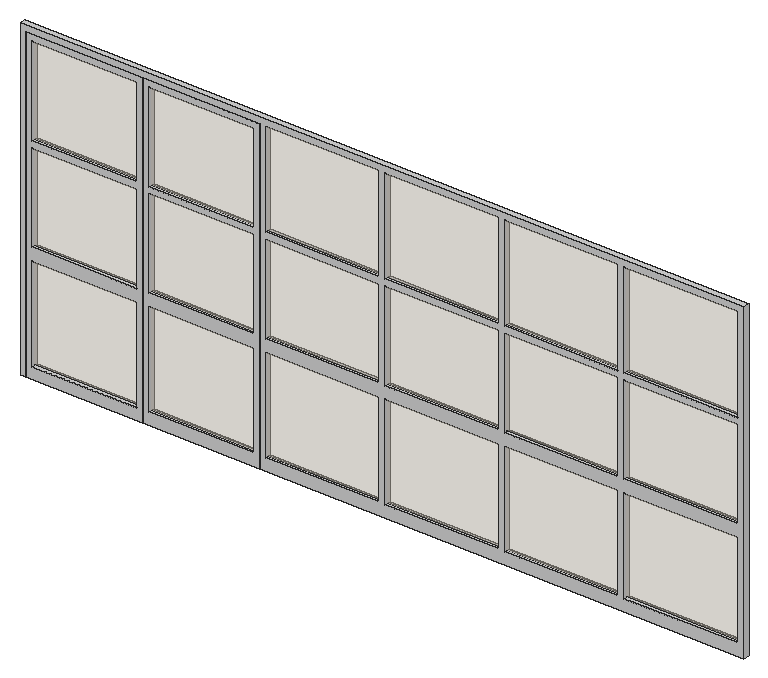
Revit family "DAL_A3-Aluminium-DD-Off-centre-Large-Sidelights", category Doors, host Wall, Revit 2016
Family settings
  Host = Wall
  Always vertical = Yes
  Cut with Voids When Loaded = No
  Shared = No
  Room Calculation Point = No
Parameters (values of type "Aluminium DD Large Sidelights")
  Function = Interior
  Frame Projection Ext. = 25 mm
  Frame Projection Int. = 25 mm
  Frame Width = 75 mm
  Height = 2380 mm
  Wall Closure = By host
  Width = 5460 mm
  Assembly Code = ""
Reference planes
  plane 1: y = 0
  plane 2 "Center (Left/Right)": x = 0
  plane 3 "Left": x = -2730
  plane 4 "Right": x = 2730
  plane 5: z = 2380
  plane 6 "Exterior": y = 172.5
  plane 7 "Interior": y = -172.5
  plane 8 "Frame ref": y = -57.5
  plane 9 "Glass ref": y = -40
  plane 10: y = 15
  plane 11: x = -2685
  plane 12: x = -1827.5
  plane 13: x = -1782.5
  plane 14: x = -925
  plane 15: x = -880
  plane 16: x = -22.5
  plane 17: x = 22.5
  plane 18: x = 880
  plane 19: x = 925
  plane 20: x = 1782.5
  plane 21: x = 1827.5
  plane 22: x = -1805
Forms (mm)
  Extrusion 1, solid, material "Aluminium"
    sketch origin (0, -57.5, 0) x (-1, 0, 0) y (0, 0, 1)
      loop
        line (-2730, 2380) -> (-2730, 0) -> (925, 0) -> (925, 2335) -> (2685, 2335) -> (2685, 0) -> (2730, 0) -> (2730, 2380) -> (-2730, 2380)
      loop
        line (-2685, 2335) -> (-2685, 1615) -> (-1827.5, 1615) -> (-1827.5, 2335) -> (-2685, 2335)
      loop
        line (-2685, 90) -> (-1827.5, 90) -> (-1827.5, 805) -> (-2685, 805) -> (-2685, 90)
      loop
        line (-925, 90) -> (-925, 805) -> (-1782.5, 805) -> (-1782.5, 90) -> (-925, 90)
      loop
        line (-925, 895) -> (-925, 1570) -> (-1782.5, 1570) -> (-1782.5, 895) -> (-925, 895)
      loop
        line (-1782.5, 2335) -> (-1782.5, 1615) -> (-925, 1615) -> (-925, 2335) -> (-1782.5, 2335)
      loop
        line (-1827.5, 895) -> (-1827.5, 1570) -> (-2685, 1570) -> (-2685, 895) -> (-1827.5, 895)
      loop
        line (-22.5, 90) -> (-22.5, 805) -> (-880, 805) -> (-880, 90) -> (-22.5, 90)
      loop
        line (-22.5, 895) -> (-22.5, 1570) -> (-880, 1570) -> (-880, 895) -> (-22.5, 895)
      loop
        line (-880, 2335) -> (-880, 1615) -> (-22.5, 1615) -> (-22.5, 2335) -> (-880, 2335)
      loop
        line (880, 90) -> (880, 805) -> (22.5, 805) -> (22.5, 90) -> (880, 90)
      loop
        line (880, 895) -> (880, 1570) -> (22.5, 1570) -> (22.5, 895) -> (880, 895)
      loop
        line (22.5, 2335) -> (22.5, 1615) -> (880, 1615) -> (880, 2335) -> (22.5, 2335)
    from 0 to 45
  Extrusion 2, solid, material "Glass"
    sketch origin (0, -40, 0) x (-1, 0, 0) y (0, 0, 1)
      loop
        line (-2685, 2335) -> (-2685, 1615) -> (-1827.5, 1615) -> (-1827.5, 2335) -> (-2685, 2335)
      loop
        line (-2685, 1570) -> (-2685, 895) -> (-1827.5, 895) -> (-1827.5, 1570) -> (-2685, 1570)
      loop
        line (-2685, 805) -> (-2685, 90) -> (-1827.5, 90) -> (-1827.5, 805) -> (-2685, 805)
      loop
        line (-1782.5, 2335) -> (-1782.5, 1615) -> (-925, 1615) -> (-925, 2335) -> (-1782.5, 2335)
      loop
        line (-1782.5, 1570) -> (-1782.5, 895) -> (-925, 895) -> (-925, 1570) -> (-1782.5, 1570)
      loop
        line (-1782.5, 805) -> (-1782.5, 90) -> (-925, 90) -> (-925, 805) -> (-1782.5, 805)
      loop
        line (-880, 2335) -> (-880, 1615) -> (-22.5, 1615) -> (-22.5, 2335) -> (-880, 2335)
      loop
        line (-880, 1570) -> (-880, 895) -> (-22.5, 895) -> (-22.5, 1570) -> (-880, 1570)
      loop
        line (-880, 805) -> (-880, 90) -> (-22.5, 90) -> (-22.5, 805) -> (-880, 805)
      loop
        line (22.5, 2335) -> (22.5, 1615) -> (880, 1615) -> (880, 2335) -> (22.5, 2335)
      loop
        line (22.5, 1570) -> (22.5, 895) -> (880, 895) -> (880, 1570) -> (22.5, 1570)
      loop
        line (22.5, 805) -> (22.5, 90) -> (880, 90) -> (880, 805) -> (22.5, 805)
    from 0 to 10
  Extrusion 3, solid, material "Aluminium"
    sketch origin (-1785, -57.5, 0) x (1, 0, 0) y (0, 0, -1)
      loop
        line (-900, -2335) -> (-20, -2335) -> (-20, 0) -> (-900, 0) -> (-900, -2335)
      loop
        line (-855, -2290) -> (-65, -2290) -> (-65, -1615) -> (-855, -1615) -> (-855, -2290)
      loop
        line (-855, -90) -> (-855, -805) -> (-65, -805) -> (-65, -90) -> (-855, -90)
      loop
        line (-855, -895) -> (-855, -1570) -> (-65, -1570) -> (-65, -895) -> (-855, -895)
    from 0 to 45
  Extrusion 4, solid, material "Glass"
    sketch origin (-1785, -40, 0) x (-1, 0, 0) y (0, 0, 1)
      loop
        line (65, 2290) -> (65, 1615) -> (855, 1615) -> (855, 2290) -> (65, 2290)
      loop
        line (65, 1570) -> (65, 895) -> (855, 895) -> (855, 1570) -> (65, 1570)
      loop
        line (65, 805) -> (65, 90) -> (855, 90) -> (855, 805) -> (65, 805)
    from 0 to 10
  Extrusion 5, solid, material "Aluminium"
    sketch origin (-1825, -57.5, 0) x (-1, 0, 0) y (0, 0, 1)
      loop
        line (-900, 2335) -> (-900, 0) -> (-20, 0) -> (-20, 2335) -> (-900, 2335)
      loop
        line (-855, 2290) -> (-855, 1615) -> (-65, 1615) -> (-65, 2290) -> (-855, 2290)
      loop
        line (-855, 90) -> (-65, 90) -> (-65, 805) -> (-855, 805) -> (-855, 90)
      loop
        line (-855, 895) -> (-65, 895) -> (-65, 1570) -> (-855, 1570) -> (-855, 895)
    from 0 to 45
  Extrusion 6, solid, material "Glass"
    sketch origin (-1825, -40, 0) x (1, 0, 0) y (0, 0, -1)
      loop
        line (65, -2290) -> (855, -2290) -> (855, -1615) -> (65, -1615) -> (65, -2290)
      loop
        line (65, -1570) -> (855, -1570) -> (855, -895) -> (65, -895) -> (65, -1570)
      loop
        line (65, -805) -> (855, -805) -> (855, -90) -> (65, -90) -> (65, -805)
    from 0 to 10
Lines and regions (mm)
  Opening 1
    outline origin (-3050, -172.5, 0) x (1, 0, 0) y (0, 0, 1)
      loop
        line (320, 0) -> (5780, 0) -> (5780, 2380) -> (320, 2380) -> (320, 0)
  symbolic lines, style "Overhead"
    curve 1: line (-2730, 172.5, 0) -> (2730, 172.5, 0)
    curve 2: line (2730, -172.5, 0) -> (-2730, -172.5, 0)
  symbolic lines, style "Plan Swing"
    curve 3: line (-2685, -12.5, 0) -> (-2640, -12.5, 0)
    curve 4: line (-2685, 866.349, 0) -> (-2685, -12.5, 0)
    curve 5: line (-2640, 866.349, 0) -> (-2685, 866.349, 0)
    curve 6: line (-2640, -12.5, 0) -> (-2640, 866.347, 0)
    curve 7: line (-2640, 821.349, 0) -> (-2685, 821.349, 0)
    curve 8: line (-2685, 32.5, 0) -> (-2640, 32.5, 0)
    curve 9: line (-2667.5, 32.5, 0) -> (-2667.5, 821.349, 0)
    curve 10: line (-2657.5, 32.5, 0) -> (-2657.5, 821.349, 0)
    curve 34: line (-925, -12.5, 0) -> (-970, -12.5, 0)
    curve 35: line (-925, 866.349, 0) -> (-925, -12.5, 0)
    curve 36: line (-970, 866.349, 0) -> (-925, 866.349, 0)
    curve 37: line (-970, -12.5, 0) -> (-970, 866.347, 0)
    curve 38: line (-970, 821.349, 0) -> (-925, 821.349, 0)
    curve 39: line (-925, 32.5, 0) -> (-970, 32.5, 0)
    curve 40: line (-942.5, 32.5, 0) -> (-942.5, 821.349, 0)
    curve 41: line (-952.5, 32.5, 0) -> (-952.5, 821.349, 0)
  symbolic lines, style "Elevation Swing"
    curve 11: line (-2685, -40, 2335) -> (-1827.5, -40, 1167.5)
    curve 12: line (-1827.5, -40, 1167.5) -> (-2685, -40, 0)
    curve 13: line (-925, -40, 2335) -> (-1782.5, -40, 1167.5)
    curve 14: line (-1782.5, -40, 1167.5) -> (-925, -40, 0)
  symbolic lines, style "Plan Swing", not visible
    curve 15: line (-2685, -12.5, 0) -> (-2640, -12.5, 0)
    curve 16: line (-2685, 887.5, 0) -> (-2685, -12.5, 0)
    curve 17: line (-2640, 887.5, 0) -> (-2685, 887.5, 0)
    curve 18: line (-2640, -12.5, 0) -> (-2640, 887.5, 0)
    curve 19: line (-2640, 842.5, 0) -> (-2685, 842.5, 0)
    curve 20: line (-2685, 32.5, 0) -> (-2640, 32.5, 0)
    curve 21: line (-2667.5, 32.5, 0) -> (-2667.5, 842.5, 0)
    curve 22: line (-2657.5, 32.5, 0) -> (-2657.5, 842.5, 0)
    curve 23: line (-885, -12.5, 0) -> (-930, -12.5, 0)
    curve 24: line (-885, 887.5, 0) -> (-885, -12.5, 0)
    curve 25: line (-930, 887.5, 0) -> (-885, 887.5, 0)
    curve 26: line (-930, -12.5, 0) -> (-930, 887.5, 0)
    curve 27: line (-930, 842.5, 0) -> (-885, 842.5, 0)
    curve 28: line (-885, 32.5, 0) -> (-930, 32.5, 0)
    curve 29: line (-902.5, 32.5, 0) -> (-902.5, 842.5, 0)
    curve 30: line (-912.5, 32.5, 0) -> (-912.5, 842.5, 0)
    curve 31: arc (-1785, -12.5, 0) -> (-2032.888, 607.782, 0) -> (-2640, 886.374, 0) r 900
    curve 32: arc (-1785, -12.5, 0) -> (-1537.112, 607.782, 0) -> (-930, 886.374, 0) r 900
    curve 43: line (-2685, -12.5, 0) -> (-2640, -12.5, 0)
    curve 44: line (-2685, 866.349, 0) -> (-2685, -12.5, 0)
    curve 45: line (-2640, 866.349, 0) -> (-2685, 866.349, 0)
    curve 46: line (-2640, -12.5, 0) -> (-2640, 866.347, 0)
    curve 47: line (-2640, 821.349, 0) -> (-2685, 821.349, 0)
    curve 48: line (-2685, 32.5, 0) -> (-2640, 32.5, 0)
    curve 49: line (-2667.5, 32.5, 0) -> (-2667.5, 821.349, 0)
    curve 50: line (-2657.5, 32.5, 0) -> (-2657.5, 821.349, 0)
    curve 52: line (-925, -12.5, 0) -> (-970, -12.5, 0)
    curve 53: line (-925, 866.349, 0) -> (-925, -12.5, 0)
    curve 54: line (-970, 866.349, 0) -> (-925, 866.349, 0)
    curve 55: line (-970, -12.5, 0) -> (-970, 866.347, 0)
    curve 56: line (-970, 821.349, 0) -> (-925, 821.349, 0)
    curve 57: line (-925, 32.5, 0) -> (-970, 32.5, 0)
    curve 58: line (-942.5, 32.5, 0) -> (-942.5, 821.349, 0)
    curve 59: line (-952.5, 32.5, 0) -> (-952.5, 821.349, 0)
  symbolic lines
    curve 33: arc (-1805.002, -12.5, 0) -> (-2047.036, 593.634, 0) -> (-2640, 866.347, 0) r 879.998
    curve 42: arc (-1804.998, -12.5, 0) -> (-1562.964, 593.634, 0) -> (-970, 866.347, 0) r 879.998
  symbolic lines, not visible
    curve 51: arc (-1805.002, -12.5, 0) -> (-2047.036, 593.634, 0) -> (-2640, 866.347, 0) r 879.998
    curve 60: arc (-1804.998, -12.5, 0) -> (-1562.964, 593.634, 0) -> (-970, 866.347, 0) r 879.998
Text (mm)
  text "Exterior" at (-2295.016, 1099.543, 0), in view "Ref. Level"
  text "Exterior" at (0, 1615.38, 3698.081), in view "Left"
  text "Exterior" at (0, 1036.032, 3874.932), in view "Right"
Dimensions and locks
  equal spacing: plane 3 "Left", plane 2 "Center (Left/Right)", plane 4 "Right"
  "Width": plane 3 "Left" to plane 4 "Right"
  "Height": plane 5 to host wall
  host wall to plane 5 = 2380 mm  (x2)
  locked: plane 6 "Exterior" to host wall at 0
  locked: plane 7 "Interior" to host wall
  locked: plane 8 "Frame ref" to host wall at 115
  locked: plane 9 "Glass ref" to host wall at 132.5
  host wall to curve 3 = 160 mm
  Extrusion 1 to Extrusion 1 = 5370 mm
  Extrusion 3 to Extrusion 3 = 880 mm
  aligned and locked: plane 3 "Left" to Opening 1 sketch curve
  aligned and locked: plane 5 to Opening 1 sketch curve  (x2)
  aligned and locked: Opening 1 sketch curve to plane 4 "Right"
  aligned and locked: Opening 1 sketch curve to level
  aligned and locked: host wall to plane 1
  aligned and locked: host wall to Extrusion 1 sketch curve
  aligned and locked: Extrusion 1 sketch curve to host wall
  aligned and locked: Extrusion 1 to Extrusion 2 sketch curve  (x7)
  aligned and locked: Extrusion 2 sketch curve to Extrusion 1  (x7)
  aligned and locked: Extrusion 2 sketch curve to Extrusion 2 sketch curve  (x2)
  aligned and locked: host wall to curve 1
  aligned and locked: curve 1 to host wall  (x2)
  aligned and locked: host wall to curve 2
  aligned and locked: curve 2 to host wall  (x2)
  aligned and locked: Extrusion 3 to Extrusion 4 sketch curve  (x3)
  aligned and locked: Extrusion 4 sketch curve to Extrusion 3  (x6)
  aligned and locked: Extrusion 6 sketch curve to Extrusion 5  (x6)
  aligned and locked: Extrusion 5 to Extrusion 6 sketch curve  (x3)
  aligned and locked: plane 21 to Extrusion 2 sketch curve
  aligned and locked: Extrusion 2 sketch curve to plane 20
Automatic sketch dimensions
  curve 13 to plane 14 = 0 mm
  curve 14 to level = 0 mm
  curve 14 to plane 14 = 0 mm
  curve 14 to plane 13 = 0 mm
  curve 12 to plane 12 = 0 mm
  curve 11 to plane 11 = 0 mm
  curve 12 to level = 0 mm
  curve 12 to plane 11 = 0 mm
  level to curve 14 = 1167.5 mm
  curve 11 to curve 13 = 0 mm
  plane 5 to curve 11 = 45 mm
  plane 5 to curve 13 = 45 mm
  Extrusion 3 sketch curve to level = 0 mm
  Extrusion 3 sketch curve to plane 11 = 0 mm
  Extrusion 3 sketch curve to plane 12 = 22.5 mm
  Extrusion 3 sketch curve to plane 11 = 45 mm  (x2)
  Extrusion 3 sketch curve to Extrusion 3 sketch curve = 0 mm
  plane 12 to Extrusion 3 sketch curve = 22.5 mm  (x3)
  Extrusion 3 sketch curve to level = 90 mm
  Extrusion 3 sketch curve to Extrusion 3 sketch curve = 715 mm
  Extrusion 3 sketch curve to Extrusion 3 sketch curve = 90 mm
  Extrusion 3 sketch curve to Extrusion 3 sketch curve = 675 mm
  Extrusion 3 sketch curve to Extrusion 3 sketch curve = 45 mm
  Extrusion 3 sketch curve to plane 5 = 90 mm
  Extrusion 3 sketch curve to plane 5 = 45 mm
  Extrusion 4 sketch curve to plane 12 = 22.5 mm  (x2)
  Extrusion 4 sketch curve to Extrusion 4 sketch curve = 0 mm
  Extrusion 5 sketch curve to level = 0 mm
  Extrusion 5 sketch curve to plane 14 = 0 mm
  Extrusion 5 sketch curve to plane 13 = 22.5 mm
  Extrusion 5 sketch curve to plane 14 = 45 mm  (x2)
  Extrusion 5 sketch curve to Extrusion 5 sketch curve = 0 mm
  plane 13 to Extrusion 5 sketch curve = 22.5 mm  (x3)
  level to Extrusion 5 sketch curve = 90 mm
  Extrusion 5 sketch curve to Extrusion 5 sketch curve = 715 mm
  Extrusion 5 sketch curve to Extrusion 5 sketch curve = 90 mm
  Extrusion 5 sketch curve to Extrusion 5 sketch curve = 675 mm
  Extrusion 5 sketch curve to Extrusion 5 sketch curve = 45 mm
  plane 5 to Extrusion 5 sketch curve = 90 mm
  plane 5 to Extrusion 5 sketch curve = 45 mm
  plane 13 to Extrusion 6 sketch curve = 22.5 mm  (x2)
  Extrusion 6 sketch curve to Extrusion 6 sketch curve = 0 mm
  Extrusion 1 sketch curve to plane 21 = 0 mm  (x3)
  Extrusion 1 sketch curve to plane 20 = 0 mm  (x3)
  Extrusion 1 sketch curve to plane 19 = 0 mm  (x3)
  Extrusion 1 sketch curve to plane 18 = 0 mm  (x3)
  Extrusion 1 sketch curve to level = 0 mm  (x2)
  Extrusion 1 sketch curve to plane 17 = 0 mm  (x3)
  Extrusion 1 sketch curve to plane 16 = 0 mm  (x3)
  Extrusion 1 sketch curve to plane 15 = 0 mm  (x3)
  Extrusion 1 sketch curve to plane 14 = 0 mm
  Extrusion 1 sketch curve to plane 11 = 0 mm
  Extrusion 1 sketch curve to plane 3 "Left" = 0 mm
  plane 4 "Right" to Extrusion 1 sketch curve = 45 mm  (x3)
  level to Extrusion 1 sketch curve = 90 mm  (x3)
  Extrusion 1 sketch curve to Extrusion 1 sketch curve = 0 mm  (x6)
  Extrusion 1 sketch curve to Extrusion 1 sketch curve = 715 mm  (x3)
  Extrusion 1 sketch curve to Extrusion 1 sketch curve = 90 mm  (x3)
  Extrusion 1 sketch curve to Extrusion 1 sketch curve = 675 mm  (x3)
  Extrusion 1 sketch curve to Extrusion 1 sketch curve = 45 mm  (x4)
  plane 5 to Extrusion 1 sketch curve = 45 mm  (x3)
  Extrusion 2 sketch curve to plane 21 = 0 mm  (x2)
  Extrusion 2 sketch curve to plane 20 = 0 mm  (x2)
  Extrusion 2 sketch curve to plane 19 = 0 mm  (x3)
  Extrusion 2 sketch curve to plane 18 = 0 mm  (x3)
  Extrusion 2 sketch curve to plane 17 = 0 mm  (x3)
  Extrusion 2 sketch curve to plane 16 = 0 mm  (x3)
  Extrusion 2 sketch curve to plane 15 = 0 mm  (x3)
  Extrusion 2 sketch curve to Extrusion 2 sketch curve = 0 mm  (x5)
  Extrusion 2 sketch curve to Extrusion 2 sketch curve = 715 mm
  Extrusion 2 sketch curve to Extrusion 2 sketch curve = 90 mm
  Extrusion 2 sketch curve to Extrusion 2 sketch curve = 675 mm
  Extrusion 2 sketch curve to Extrusion 2 sketch curve = 45 mm  (x2)
  plane 5 to Extrusion 2 sketch curve = 45 mm
